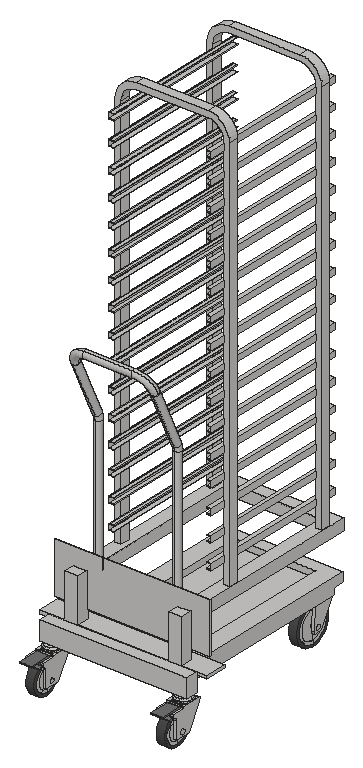
Revit family "QF_ELECTROLUXPROFESSIONAL_922754_TRRA161180C", category Specialty Equipment, Revit 2018
Family settings
  Round Connector Dimension = Use Diameter
  Part Type = Normal
  Work Plane-Based = No
  Always vertical = Yes
  Cut with Voids When Loaded = No
  Shared = No
  Room Calculation Point = No
Parameters (values of type "Standard")
  Weight = 44.00 kg
  Watts = 0 W
  Volts = 0 V
  URL Manufacturer = "http://professional.electrolux.com"
  URL = "http://professional.electrolux.com"
  Steam Supply Size = 0 mm
  Steam Supply Minimum Pressure = 0.0 Pa
  Steam Supply Maximum Pressure = 0.0 Pa
  Steam Pounds per Hour = 0
  Refrigeration Suction Line Size = 0 mm
  Refrigeration Liquid Line Size = 0 mm
  Refrigerant Compressor Remote = yes
  Manufacturer = "Electrolux Professional"
  Phase = 0
  Model = "TRRA161180C"
  Length Actual = 545.0 mm  # constant formula
  Item Number = "922754"
  Hot Water Size = 0 mm
  Height Actual = 1700.0 mm  # constant formula
  HP = "0 HP"
  Gas Size = 0 mm
  Gas KW = 0
  Gas Input Pressure = 0 W
  Description = "TROLLEY TRAY RACK 16 GN 1/1 - 80MM PITCH"
  Depth Actual = 790.0 mm  # constant formula
  Cycle = 0 Hz
  Condensate Return Size = 0 mm
  Compressed Air Volume = 0.0 L/s
  Compressed Air Size = 0 mm
  Compressed Air Pressure = 0.0 Pa
  Cold Water Size = 0 mm
  Accessory = yes
Reference planes
  plane 1 "Center (Front/Back)": y = 0
  plane 2: z = 0
  plane 3 "Center (Left/Right)": x = 0
  plane 4 "BASE": z = 125
  plane 5 "TOP": z = 1700
  plane 6 "FRONT": y = -505.5
  plane 7 "BACK": y = 282.5
  plane 8 "PLANE": z = 160
  plane 9 "Manopola": through (4267.2, -378.699, 921.588) normal (0, 0.9063, 0.4226)
  plane 10 "Accessorioes": z = 647
  plane 11 "M1": y = 212.505
  plane 12 "M2": y = -161.495
  plane 13: z = 1044
  plane 14 "man1": x = -128.996
  plane 15 "man2": x = 128.996
  plane 16: y = -439.495
  plane 17: y = 180.505
  plane 18: x = -272
  plane 19: x = 272
  plane 20: y = 72.905
  plane 21: x = -212.5
  plane 22: x = 212.5
Forms (mm)
  Sweep 1, solid, material "QF_Finishes_Stainless Steel"
    path origin (0, -51.81, 222.029) x (0, -0.422618, 0.906308) y (1, 0, 0)
      loop
        line (840.501, 128.996) -> (843.657, 128.996)
        arc (843.657, 128.996) -> (879.012, 114.351) -> (893.657, 78.996) r 50
        line (893.657, 78.996) -> (893.657, -78.996)
        arc (893.657, -78.996) -> (879.012, -114.351) -> (843.657, -128.996) r 50
        line (843.657, -128.996) -> (840.501, -128.996)
    profile origin (0, -429.485, 1031.957) x (0, -0.422618, 0.906308) y (0, 0.906308, 0.422618)
      loop
        circle (0, -0.616) r 12
  Extrusion 2, solid, material "QF_Finishes_Stainless Steel"
    sketch origin (0, 0, 0) x (0, 1, 0) y (0, 0, 1)
      loop
        line (-375.959, 195.424) -> (-415.959, 195.424) -> (-415.959, 133.5) -> (-375.959, 133.5) -> (-375.959, 195.424)
    from -240.004 to 239.996
  Extrusion 3, solid, material "QF_Finishes_Stainless Steel"
    sketch origin (0, 0, 160) x (0, 1, 0) y (-1, 0, 0)
      loop
        line (-375.959, -188.97) -> (-335.959, -188.97) -> (-335.959, -149.246) -> (-375.959, -149.246) -> (-375.959, -188.97)
      loop
        line (-375.959, 189.004) -> (-375.959, 149.004) -> (-335.959, 149.004) -> (-335.959, 189.004) -> (-375.959, 189.004)
    from 21 to 178
  Extrusion 4, solid, material "QF_Finishes_Stainless Steel"
    sketch origin (0, 0, 160) x (0, 1, 0) y (-1, 0, 0)
      loop
        line (282.5, -149.246) -> (-334.855, -149.246) -> (-334.855, -188.97) -> (282.5, -188.97) -> (282.5, -149.246)
      loop
        line (282.5, 149.004) -> (282.5, 189.004) -> (-335.959, 189.004) -> (-335.959, 149.004) -> (282.5, 149.004)
    from 139.5 to 178
  Extrusion 5, solid, material "QF_Finishes_Stainless Steel"
    sketch origin (115.511, 0, 0) x (0, 1, 0) y (0, 0, -1)
      loop
        line (281.005, -150.5) -> (250.291, -150.5)
        spline (250.291, -150.5) -> (249.645, -150.457) -> (249.01, -150.329) -> (248.397, -150.118) -> (247.817, -149.828) -> (247.279, -149.464) -> (246.792, -149.031) -> (246.366, -148.538) -> (246.007, -147.993) -> (245.722, -147.405) -> (245.515, -146.784) -> (245.39, -146.141) -> (245.349, -145.488)
        line (245.349, -145.488) -> (245.349, -134.506)
        spline (245.349, -134.506) -> (245.308, -133.853) -> (245.182, -133.211) -> (244.975, -132.591) -> (244.69, -132.004) -> (244.331, -131.459) -> (243.904, -130.967) -> (243.418, -130.535) -> (242.881, -130.171) -> (242.301, -129.881) -> (241.688, -129.671) -> (241.054, -129.543) -> (240.408, -129.5)
        line (240.408, -129.5) -> (-375.959, -129.5) -> (-375.959, -181) -> (281.005, -181) -> (281.005, -150.5)
    from 304.516 to 247.5
  Extrusion 6, solid, material "QF_Finishes_Stainless Steel"
    sketch origin (0, 0, 0) x (0, 1, 0) y (0, 0, 1)
      loop
        line (242.5, 299.5) -> (282.5, 299.5) -> (282.5, 338) -> (242.5, 338) -> (242.5, 299.5)
    from -189.004 to 188.996
  Sweep 7, solid, material "QF_Finishes_Stainless Steel"
    path origin (-128.996, 0, -8) x (0, 1, 0) y (0, 0, 1)
      loop
        line (-407.579, 991.521) -> (-320.757, 805.332)
        arc (-320.757, 805.332) -> (-317.538, 795.848) -> (-316.447, 785.891) r 46
        line (-316.447, 785.891) -> (-316.447, 346)
    profile origin (-128.996, -364.168, 890.426) x (0, 0.906308, 0.422618) y (1, 0, 0)
      loop
        circle (0, 0) r 12
  Sweep 8, solid, material "QF_Finishes_Stainless Steel"
    path origin (128.996, 0, -8) x (0, 1, 0) y (0, 0, 1)
      loop
        line (-407.579, 991.521) -> (-320.757, 805.332)
        arc (-320.757, 805.332) -> (-317.538, 795.848) -> (-316.447, 785.891) r 46
        line (-316.447, 785.891) -> (-316.447, 346)
    profile origin (128.996, -364.168, 890.426) x (0, 0.906308, 0.422618) y (1, 0, 0)
      loop
        circle (0, 0) r 12
  Extrusion 9, solid, material "QF_Finishes_Stainless Steel"
    sketch origin (0, -3.54, 125) x (-1, 0, 0) y (0, -1, 0)
      loop
        line (252.004, 331.46) -> (252.004, 335.959) -> (-252.004, 335.959) -> (-252.004, 331.46) -> (252.004, 331.46)
    from 102.147 to 267.893
  Extrusion 10, solid, material "QF_Finishes_Stainless Steel"
    sketch origin (0, 0, 0) x (0, 1, 0) y (0, 0, 1)
      loop
        line (-331.381, 299.5) -> (-298.959, 299.5) -> (-298.959, 338) -> (-331.381, 338) -> (-331.381, 299.5)
    from -189.004 to 188.996
  Extrusion 11, solid, material "QF_Finishes_Stainless Steel"
    sketch origin (0, 0, 125) x (-1, 0, 0) y (0, -1, 0)
      loop
        line (131.989, -281.005) -> (131.989, 375.959) -> (-131.989, 375.959) -> (-131.989, -281.005) -> (131.989, -281.005)
    from 35 to 25.5
  Sweep 12, solid, material "QF_Finishes_Stainless Steel"
    path origin (0, 212.505, 0) x (0, 0, 1) y (-1, 0, 0)
      loop
        line (338, 176.55) -> (1630, 176.55)
        arc (1630, 176.55) -> (1672.426, 158.976) -> (1690, 116.55) r 60
        line (1690, 116.55) -> (1690, -117.05)
        arc (1690, -117.05) -> (1672.426, -159.476) -> (1630, -177.05) r 60
        line (1630, -177.05) -> (338, -177.05)
    profile origin (0.25, 212.505, 1690) x (0, 0, 1) y (0, -1, 0)
      loop
        line (10, -14.995) -> (10, 14.995) -> (-10, 14.995) -> (-10, -14.995) -> (10, -14.995)
  Sweep 13, solid, material "QF_Finishes_Stainless Steel"
    path origin (0, -161.495, 0) x (0, 0, 1) y (-1, 0, 0)
      loop
        line (338, 176.55) -> (1630, 176.55)
        arc (1630, 176.55) -> (1672.426, 158.976) -> (1690, 116.55) r 60
        line (1690, 116.55) -> (1690, -117.05)
        arc (1690, -117.05) -> (1672.426, -159.476) -> (1630, -177.05) r 60
        line (1630, -177.05) -> (338, -177.05)
    profile origin (0.25, -161.495, 1690) x (0, 0, 1) y (0, -1, 0)
      loop
        line (10, -14.995) -> (10, 14.995) -> (-10, 14.995) -> (-10, -14.995) -> (10, -14.995)
  Revolve 14, solid, material "QF_Finishes_Stainless Steel"
    sketch origin (0, 0, 0) x (0, 1, 0) y (0, 0, 1)
      loop
        line (94.159, 150.5) -> (72.905, 150.5) -> (72.905, 87.019) -> (85.159, 87.019) -> (85.159, 111.019) -> (94.159, 127.019) -> (94.159, 150.5)
      axis (72.905, 150.5) -> (72.905, 87.019)
    angle from 0 to 360
  Extrusion 15, solid, material "QF_Finishes_Stainless Steel"
    sketch origin (-115.511, 0, 0) x (0, 1, 0) y (0, 0, 1)
      loop
        line (281.005, 150.5) -> (281.005, 181) -> (-375.959, 181) -> (-375.959, 129.5) -> (240.408, 129.5)
        spline (240.408, 129.5) -> (241.054, 129.543) -> (241.688, 129.671) -> (242.301, 129.881) -> (242.881, 130.171) -> (243.418, 130.535) -> (243.904, 130.967) -> (244.331, 131.459) -> (244.69, 132.004) -> (244.975, 132.591) -> (245.182, 133.211) -> (245.308, 133.853) -> (245.349, 134.506)
        line (245.349, 134.506) -> (245.349, 145.488)
        spline (245.349, 145.488) -> (245.39, 146.141) -> (245.515, 146.784) -> (245.722, 147.405) -> (246.007, 147.993) -> (246.366, 148.538) -> (246.792, 149.031) -> (247.279, 149.464) -> (247.817, 149.828) -> (248.397, 150.118) -> (249.01, 150.329) -> (249.645, 150.457) -> (250.291, 150.5)
        line (250.291, 150.5) -> (281.005, 150.5)
    from 304.481 to 247.5
  Extrusion 16, solid, material "QF_Finishes_Stainless Steel"
    sketch origin (0, 0, 0) x (0, 1, 0) y (0, 0, 1)
      loop
        line (281.005, 160) -> (281.005, 181) -> (242.5, 181) -> (242.5, 160) -> (281.005, 160)
    from -131.989 to 131.989
  Extrusion 17, void
    sketch origin (0, 0, 125) x (-1, 0, 0) y (0, -1, 0)
      loop
        circle (0, -72.905) r 21.25
    from 10 to 35
  Extrusion 18, solid, material "QF_Finishes_Stainless Steel"
    sketch origin (0, 0, 0) x (0, 1, 0) y (0, 0, 1)
      loop
        line (-303.216, 195.424) -> (-375.959, 195.424) -> (-375.959, 185.203) -> (-303.216, 185.203) -> (-303.216, 195.424)
    from -272 to 272
Cuts and joins
  joined: Sweep 1, Sweep 7, Sweep 8
  joined: Extrusion 3, Extrusion 9, Extrusion 18
  joined: Extrusion 4, Extrusion 6, Extrusion 10
  Extrusion 17 cuts Extrusion 11
  joined: Extrusion 5, Extrusion 11, Extrusion 15, Extrusion 16
Lines and regions (mm)
  symbolic lines
    curve 1: line (193.496, -471.06, 125) -> (183.973, -471.06, 125)
    curve 2: line (183.973, -471.06, 125) -> (183.973, -415.959, 125)
    curve 3: line (193.496, -417.738, 125) -> (193.496, -505.5, 125)
    curve 4: line (193.496, -505.5, 125) -> (231.496, -505.5, 125)
    curve 5: line (231.496, -505.5, 125) -> (231.496, -417.738, 125)
    curve 6: line (183.973, -430.06, 125) -> (241.018, -430.06, 125)
    curve 7: line (193.496, -435.203, 125) -> (231.496, -435.203, 125)
    curve 8: line (241.018, -433, 125) -> (244.466, -433, 125)
    curve 9: line (244.466, -433, 125) -> (244.466, -445.99, 125)
    curve 10: line (244.466, -445.99, 125) -> (241.018, -445.99, 125)
    curve 11: line (244.466, -439.495, 125) -> (241.018, -439.495, 125)
    curve 12: line (183.973, -433, 125) -> (180.525, -433, 125)
    curve 13: line (180.525, -433, 125) -> (180.525, -445.99, 125)
    curve 14: line (180.525, -445.99, 125) -> (183.973, -445.99, 125)
    curve 15: line (180.525, -439.495, 125) -> (183.973, -439.495, 125)
    curve 16: line (241.018, -375.959, 125) -> (241.018, -367.995, 125)
    curve 17: line (241.018, -367.995, 125) -> (188.97, -367.995, 125)
    curve 18: line (193.496, -367.995, 125) -> (193.496, -375.253, 125)
    curve 19: line (231.496, -367.995, 125) -> (231.496, -375.253, 125)
    curve 20: arc (232.257, -375.959, 125) -> (212.496, -367.995, 125) -> (192.734, -375.959, 125) r 28.5
    curve 21: arc (191.677, -415.959, 125) -> (212.496, -424.995, 125) -> (233.314, -415.959, 125) r 28.5
    curve 22: line (231.496, -471.215, 125) -> (241.018, -471.215, 125)
    curve 23: line (241.018, -471.215, 125) -> (241.018, -415.959, 125)
    curve 24: line (-193.39, -471.06, 125) -> (-183.867, -471.06, 125)
    curve 25: line (-183.867, -471.06, 125) -> (-183.867, -415.959, 125)
    curve 26: line (-193.39, -419.32, 125) -> (-193.39, -505.5, 125)
    curve 27: line (-193.39, -505.5, 125) -> (-231.619, -505.5, 125)
    curve 28: line (-231.619, -505.5, 125) -> (-231.619, -418.963, 125)
    curve 29: line (-183.867, -430.06, 125) -> (-241.141, -430.06, 125)
    curve 30: line (-193.39, -435.203, 125) -> (-231.619, -435.203, 125)
    curve 31: line (-241.141, -433, 125) -> (-244.589, -433, 125)
    curve 32: line (-244.589, -433, 125) -> (-244.589, -445.99, 125)
    curve 33: line (-244.589, -445.99, 125) -> (-241.141, -445.99, 125)
    curve 34: line (-244.589, -439.495, 125) -> (-241.141, -439.495, 125)
    curve 35: line (-183.867, -433, 125) -> (-180.42, -433, 125)
    curve 36: line (-180.42, -433, 125) -> (-180.42, -445.99, 125)
    curve 37: line (-180.42, -445.99, 125) -> (-183.867, -445.99, 125)
    curve 38: line (-180.42, -439.495, 125) -> (-183.867, -439.495, 125)
    curve 39: line (-231.619, -471.215, 125) -> (-241.141, -471.215, 125)
    curve 40: line (-241.141, -471.215, 125) -> (-241.141, -415.959, 125)
    curve 41: line (272, -375.959, 125) -> (141.486, -375.959, 125)
    curve 42: line (242.496, -375.959, 125) -> (242.496, -415.959, 125)
    curve 43: line (242.496, -415.959, 125) -> (140.297, -415.959, 125)
    curve 44: arc (-116.996, -316.504, 125) -> (-128.91, -304.448, 125) -> (-140.995, -316.333, 125) r 12
    curve 45: arc (116.996, -316.504, 125) -> (128.911, -304.448, 125) -> (140.996, -316.333, 125) r 12
    curve 46: line (-241.018, -375.959, 125) -> (-241.018, -367.995, 125)
    curve 47: line (-241.018, -367.995, 125) -> (-189.004, -367.995, 125)
    curve 48: line (-193.496, -367.995, 125) -> (-193.496, -375.253, 125)
    curve 49: line (-231.496, -367.995, 125) -> (-231.496, -375.253, 125)
    curve 50: arc (-232.257, -375.959, 125) -> (-212.496, -367.995, 125) -> (-192.734, -375.959, 125) r 28.5
    curve 51: arc (-191.677, -415.959, 125) -> (-212.496, -424.995, 125) -> (-233.314, -415.959, 125) r 28.5
    curve 52: line (-242.496, -375.959, 125) -> (-242.496, -415.959, 125)
    curve 53: line (-272, -375.959, 125) -> (-140.838, -375.959, 125)
    curve 54: line (-242.496, -415.959, 125) -> (-140.168, -415.959, 125)
    curve 55: line (188.97, -335, 125) -> (188.97, 282.5, 125)
    curve 56: line (188.97, 282.5, 125) -> (-189.004, 282.5, 125)
    curve 57: line (-189.004, 282.5, 125) -> (-189.004, -335.959, 125)
    curve 58: line (-186.55, -176.49, 125) -> (187.05, -176.49, 125)
    curve 59: line (187.05, -146.5, 125) -> (-186.55, -146.5, 125)
    curve 60: line (-186.55, 197.51, 125) -> (187.05, 197.51, 125)
    curve 61: line (187.05, 227.5, 125) -> (-186.55, 227.5, 125)
    curve 62: line (-149.004, 242.5, 125) -> (149.004, 242.5, 125)
    curve 63: line (-149.004, 242.5, 125) -> (-149.004, 227.5, 125)
    curve 64: line (-131.989, 242.5, 125) -> (-131.989, 227.5, 125)
    curve 65: line (-149.004, 197.51, 125) -> (-149.004, -146.5, 125)
    curve 66: line (-131.989, 197.51, 125) -> (-131.989, -146.5, 125)
    curve 67: line (-131.989, -176.49, 125) -> (-131.989, -298.959, 125)
    curve 68: line (-131.989, -298.959, 125) -> (-148.746, -298.959, 125)
    curve 69: line (-148.746, -298.959, 125) -> (-148.746, -176.49, 125)
    curve 70: line (149.004, 242.5, 125) -> (149.004, 227.5, 125)
    curve 71: line (131.989, 242.5, 125) -> (131.989, 227.5, 125)
    curve 72: line (149.004, 197.51, 125) -> (149.004, -146.5, 125)
    curve 73: line (131.989, 197.51, 125) -> (131.989, -146.5, 125)
    curve 74: line (131.989, -176.49, 125) -> (131.989, -298.959, 125)
    curve 75: line (131.989, -298.959, 125) -> (148.746, -298.959, 125)
    curve 76: line (148.746, -298.959, 125) -> (148.746, -176.49, 125)
    curve 77: line (-186.55, 197.51, 125) -> (-186.55, 227.5, 125)
    curve 78: line (187.05, 197.51, 125) -> (187.05, 227.5, 125)
    curve 79: circle (0, 72.905, 125) r 21.25 normal (0, 0, 1)
    curve 80: line (-189.004, -339.499, 125) -> (-189.004, -375.959, 125)
    curve 81: line (-149.004, -375.959, 125) -> (-149.004, -339.499, 125)
    curve 82: line (-149.004, -335, 125) -> (-149.004, -331.381, 125)
    curve 83: line (-149.004, -331.381, 125) -> (-140.838, -331.381, 125)
    curve 84: line (-140.838, -335, 125) -> (-252.004, -335, 125)
    curve 85: line (-252.004, -335, 125) -> (-252.004, -339.499, 125)
    curve 86: line (-252.004, -339.499, 125) -> (-140.838, -339.499, 125)
    curve 87: line (149.004, -375.959, 125) -> (149.004, -339.499, 125)
    curve 88: line (149.004, -335, 125) -> (149.004, -331.381, 125)
    curve 89: line (149.004, -331.381, 125) -> (140.838, -331.381, 125)
    curve 90: line (140.838, -335, 125) -> (252.004, -335, 125)
    curve 91: line (252.004, -335, 125) -> (252.004, -339.499, 125)
    curve 92: line (252.004, -339.499, 125) -> (140.838, -339.499, 125)
    curve 93: line (-117.1, -339.499, 125) -> (117.273, -339.499, 125)
    curve 94: line (-117.1, -335, 125) -> (117.273, -335, 125)
    curve 95: line (-117.1, -331.381, 125) -> (117.273, -331.381, 125)
    curve 96: line (-117.1, -375.959, 125) -> (117.273, -375.959, 125)
    curve 97: line (-272, -303.216, 125) -> (-189.004, -303.216, 125)
    curve 98: line (-272, -303.216, 125) -> (-272, -375.959, 125)
    curve 99: line (188.97, -303.216, 125) -> (272, -303.216, 125)
    curve 100: line (272, -303.216, 125) -> (272, -375.959, 125)
    curve 101: line (-131.989, -298.959, 125) -> (131.989, -298.959, 125)
    curve 102: line (-166.493, -226.674, 125) -> (-166.493, -176.49, 125)
    curve 103: line (-152.104, -226.674, 125) -> (-152.104, -176.49, 125)
    curve 104: line (-150.504, -226.674, 125) -> (-150.504, -176.49, 125)
    curve 105: line (-150.504, 277.484, 125) -> (-166.493, 277.484, 125)
    curve 106: line (-166.493, -226.674, 125) -> (-150.504, -226.674, 125)
    curve 107: line (-166.493, 227.5, 125) -> (-166.493, 277.484, 125)
    curve 108: line (-150.504, 227.5, 125) -> (-150.504, 277.484, 125)
    curve 109: line (-152.104, 227.5, 125) -> (-152.104, 277.484, 125)
    curve 110: line (-150.504, -146.5, 125) -> (-150.504, 197.51, 125)
    curve 111: line (-152.104, -146.5, 125) -> (-152.104, 197.51, 125)
    curve 112: line (-166.493, -146.5, 125) -> (-166.493, 197.51, 125)
    curve 113: line (166.493, -226.674, 125) -> (166.493, -176.49, 125)
    curve 114: line (152.104, -226.674, 125) -> (152.104, -176.49, 125)
    curve 115: line (150.504, -226.674, 125) -> (150.504, -176.49, 125)
    curve 116: line (150.504, 277.484, 125) -> (166.493, 277.484, 125)
    curve 117: line (166.493, -226.674, 125) -> (150.504, -226.674, 125)
    curve 118: line (166.493, 227.5, 125) -> (166.493, 277.484, 125)
    curve 119: line (150.504, 227.5, 125) -> (150.504, 277.484, 125)
    curve 120: line (152.104, 227.5, 125) -> (152.104, 277.484, 125)
    curve 121: line (150.504, -146.5, 125) -> (150.504, 197.51, 125)
    curve 122: line (152.104, -146.5, 125) -> (152.104, 197.51, 125)
    curve 123: line (166.493, -146.5, 125) -> (166.493, 197.51, 125)
Dimensions and locks
  plane 4 "BASE" to level = 125.0 mm
  plane 5 "TOP" to level = 1700.0 mm  (x2)
  plane 7 "BACK" to plane 6 "FRONT" = 788.0 mm
  level to plane 5 "TOP" = 1700.0 mm
  plane 13 to level = 1044.0 mm
  plane 17 to plane 16 = 620.0 mm
  plane 18 to plane 19 = 544.0 mm
  equal spacing: plane 18, plane 3 "Center (Left/Right)", plane 19
  nested 2 to nested 4 = 314.0 mm
  nested 1 to nested 3 = 425.0 mm
  plane 21 to plane 22 = 425.0 mm
  aligned and locked: level to plane 2
Automatic sketch dimensions
  Sweep 1 sketch curve to plane 15 "man2" = 0.0 mm
  Sweep 1 sketch curve to plane 14 "man1" = 0.0 mm
  Sweep 1 sketch curve to Sweep 1 sketch curve = 0.0 mm
  plane 14 "man1" to Sweep 1 sketch curve = 50.0 mm
  Sweep 1 sketch curve to Sweep 1 sketch curve = 3.156 mm  (x2)
  Sweep 1 sketch curve to plane 9 "Manopola" = 0.0 mm
  profile plane to Sweep 1 sketch curve = 0.0 mm
  Extrusion 2 sketch curve to plane 16 = 23.536 mm
  plane 4 "BASE" to Extrusion 2 sketch curve = 8.5 mm
  Extrusion 2 sketch curve to Extrusion 2 sketch curve = 40.0 mm
  plane 8 "PLANE" to Extrusion 2 sketch curve = 35.424 mm
  Extrusion 3 sketch curve to plane 22 = 23.53 mm
  Extrusion 3 sketch curve to plane 16 = 63.536 mm  (x2)
  Extrusion 3 sketch curve to plane 14 "man1" = 20.009 mm
  Extrusion 3 sketch curve to Extrusion 3 sketch curve = 40.0 mm  (x2)
  plane 15 "man2" to Extrusion 3 sketch curve = 20.25 mm
  Extrusion 3 sketch curve to plane 21 = 23.496 mm
  Extrusion 4 sketch curve to plane 7 "BACK" = 0.0 mm  (x2)
  Extrusion 4 sketch curve to plane 22 = 23.53 mm
  Extrusion 4 sketch curve to plane 16 = 104.64 mm
  Extrusion 4 sketch curve to plane 21 = 23.496 mm
  Extrusion 4 sketch curve to plane 16 = 103.536 mm
  plane 15 "man2" to Extrusion 4 sketch curve = 20.25 mm
  Extrusion 4 sketch curve to plane 14 "man1" = 20.009 mm
  plane 8 "PLANE" to Extrusion 5 sketch curve = 21.0 mm
  Extrusion 5 sketch curve to plane 16 = 63.536 mm
  plane 4 "BASE" to Extrusion 5 sketch curve = 4.5 mm
  Extrusion 5 sketch curve to plane 11 "M1" = 27.903 mm
  Extrusion 5 sketch curve to Extrusion 5 sketch curve = 4.941 mm  (x2)
  Extrusion 5 sketch curve to plane 7 "BACK" = 1.495 mm
  Extrusion 5 sketch curve to plane 8 "PLANE" = 9.5 mm
  Extrusion 5 sketch curve to Extrusion 5 sketch curve = 5.012 mm
  Extrusion 5 sketch curve to Extrusion 5 sketch curve = 5.006 mm
  Extrusion 5 sketch curve to Extrusion 5 sketch curve = 0.0 mm  (x2)
  Extrusion 5 sketch curve to Extrusion 5 sketch curve = 0.012 mm
  Extrusion 5 sketch curve to Extrusion 5 sketch curve = 0.006 mm
  Extrusion 6 sketch curve to plane 7 "BACK" = 0.0 mm
  Extrusion 6 sketch curve to plane 11 "M1" = 29.995 mm
  plane 8 "PLANE" to Extrusion 6 sketch curve = 139.5 mm
  Extrusion 6 sketch curve to Extrusion 6 sketch curve = 38.5 mm
  Sweep 7 sketch curve to profile plane = 0.0 mm  (x2)
  Sweep 8 sketch curve to plane 15 "man2" = 0.0 mm
  Sweep 8 sketch curve to profile plane = 0.0 mm
  Extrusion 9 sketch curve to plane 19 = 19.996 mm
  Extrusion 9 sketch curve to plane 18 = 19.996 mm
  Extrusion 9 sketch curve to plane 16 = 104.495 mm
  Extrusion 9 sketch curve to Extrusion 9 sketch curve = 4.499 mm
  Extrusion 10 sketch curve to plane 16 = 108.114 mm
  Extrusion 10 sketch curve to Extrusion 10 sketch curve = 32.422 mm
  plane 8 "PLANE" to Extrusion 10 sketch curve = 139.5 mm
  Extrusion 10 sketch curve to Extrusion 10 sketch curve = 38.5 mm
  Extrusion 11 sketch curve to plane 7 "BACK" = 1.495 mm
  plane 15 "man2" to Extrusion 11 sketch curve = 2.993 mm
  Extrusion 11 sketch curve to plane 14 "man1" = 2.993 mm
  Extrusion 11 sketch curve to plane 16 = 63.536 mm
  profile plane to Sweep 12 sketch curve = 10.0 mm
  Sweep 12 sketch curve to profile plane = 10.0 mm
  Sweep 12 sketch curve to plane 11 "M1" = 14.995 mm
  plane 11 "M1" to Sweep 12 sketch curve = 14.995 mm
  profile plane to Sweep 13 sketch curve = 10.0 mm
  Sweep 13 sketch curve to profile plane = 10.0 mm
  Sweep 13 sketch curve to plane 12 "M2" = 14.995 mm
  plane 12 "M2" to Sweep 13 sketch curve = 14.995 mm
  Revolve 14 sketch curve to plane 20 = 0.0 mm  (x2)
  Revolve 14 sketch curve to Revolve 14 sketch curve = 12.254 mm
  plane 4 "BASE" to Revolve 14 sketch curve = 2.019 mm
  Revolve 14 sketch curve to Revolve 14 sketch curve = 9.0 mm
  Revolve 14 sketch curve to plane 4 "BASE" = 13.981 mm
  Revolve 14 sketch curve to Revolve 14 sketch curve = 24.0 mm
  Revolve 14 sketch curve to plane 8 "PLANE" = 9.5 mm
  Revolve 14 sketch curve to Revolve 14 sketch curve = 24.577 mm
  Revolve 14 sketch curve to Revolve 14 sketch curve = 5.5 mm
  plane 8 "PLANE" to Extrusion 15 sketch curve = 21.0 mm
  Extrusion 15 sketch curve to plane 16 = 63.536 mm
  plane 4 "BASE" to Extrusion 15 sketch curve = 4.5 mm
  Extrusion 15 sketch curve to plane 11 "M1" = 27.903 mm
  Extrusion 15 sketch curve to Extrusion 15 sketch curve = 4.941 mm  (x2)
  Extrusion 15 sketch curve to plane 7 "BACK" = 1.495 mm
  Extrusion 15 sketch curve to Extrusion 15 sketch curve = 5.006 mm
  Extrusion 15 sketch curve to Extrusion 15 sketch curve = 10.981 mm
  Extrusion 15 sketch curve to plane 8 "PLANE" = 9.5 mm
  Extrusion 15 sketch curve to Extrusion 15 sketch curve = 0.0 mm
  Extrusion 15 sketch curve to Extrusion 15 sketch curve = 0.006 mm
  Extrusion 15 sketch curve to Extrusion 15 sketch curve = 4.988 mm
  Extrusion 15 sketch curve to Extrusion 15 sketch curve = 0.012 mm
  Extrusion 16 sketch curve to plane 8 "PLANE" = 0.0 mm
  Extrusion 16 sketch curve to plane 11 "M1" = 29.995 mm
  Extrusion 16 sketch curve to plane 7 "BACK" = 1.495 mm
  plane 8 "PLANE" to Extrusion 16 sketch curve = 21.0 mm
  Extrusion 17 sketch curve to plane 3 "Center (Left/Right)" = 0.0 mm
  Extrusion 17 sketch curve to plane 20 = 0.0 mm
  Extrusion 18 sketch curve to plane 16 = 63.536 mm
  plane 4 "BASE" to Extrusion 18 sketch curve = 60.203 mm
  Extrusion 18 sketch curve to Extrusion 18 sketch curve = 72.744 mm
  plane 8 "PLANE" to Extrusion 18 sketch curve = 35.424 mm
  Sweep 12 sketch curve to plane 5 "TOP" = 70.0 mm  (x2)
  Sweep 12 sketch curve to plane 22 = 35.45 mm
  Sweep 12 sketch curve to plane 5 "TOP" = 10.0 mm
  plane 14 "man1" to Sweep 12 sketch curve = 12.446 mm
  plane 8 "PLANE" to Sweep 12 sketch curve = 178.0 mm  (x2)
  Sweep 13 sketch curve to plane 5 "TOP" = 70.0 mm  (x2)
  Sweep 13 sketch curve to plane 22 = 35.45 mm
  Sweep 13 sketch curve to plane 5 "TOP" = 10.0 mm
  plane 14 "man1" to Sweep 13 sketch curve = 12.446 mm
  plane 8 "PLANE" to Sweep 13 sketch curve = 178.0 mm  (x2)
  Sweep 7 sketch curve to plane 9 "Manopola" = 0.0 mm  (x2)
  Sweep 7 sketch curve to plane 16 = 77.048 mm
  Sweep 7 sketch curve to Sweep 7 sketch curve = 41.69 mm
  Sweep 7 sketch curve to Sweep 7 sketch curve = 4.31 mm
  Sweep 7 sketch curve to plane 16 = 31.916 mm
  plane 8 "PLANE" to Sweep 7 sketch curve = 178.0 mm
  Sweep 8 sketch curve to plane 9 "Manopola" = 0.0 mm  (x2)
  Sweep 8 sketch curve to plane 16 = 77.048 mm
  Sweep 8 sketch curve to Sweep 8 sketch curve = 41.69 mm
  Sweep 8 sketch curve to Sweep 8 sketch curve = 4.31 mm
  Sweep 8 sketch curve to plane 16 = 31.916 mm
  plane 8 "PLANE" to Sweep 8 sketch curve = 178.0 mm
  curve 20 to curve 21 = 0.0 mm  (x2)
  curve 50 to curve 51 = 0.0 mm  (x2)
  curve 99 to plane 19 = 0.0 mm
  curve 4 to plane 6 "FRONT" = 0.0 mm
  curve 56 to plane 7 "BACK" = 0.0 mm
  curve 79 to plane 3 "Center (Left/Right)" = 0.0 mm
  curve 44 to plane 14 "man1" = 0.0 mm
  curve 26 to plane 6 "FRONT" = 0.0 mm
  curve 53 to plane 18 = 0.0 mm
  curve 79 to plane 20 = 0.0 mm
  curve 92 to plane 19 = 19.996 mm
  curve 8 to plane 16 = 6.495 mm
  curve 8 to plane 19 = 27.534 mm
  curve 8 to curve 42 = 1.97 mm
  curve 9 to curve 22 = 3.448 mm
  curve 42 to curve 17 = 1.478 mm
  plane 22 to curve 4 = 18.996 mm
  curve 20 to plane 22 = 0.004 mm
  curve 3 to plane 22 = 19.004 mm
  curve 56 to plane 22 = 23.53 mm
  curve 78 to plane 22 = 25.45 mm
  curve 1 to curve 2 = 9.522 mm
  curve 12 to curve 12 = 3.448 mm
  plane 15 "man2" to curve 70 = 20.009 mm
  plane 15 "man2" to curve 88 = 20.009 mm
  plane 15 "man2" to curve 75 = 19.75 mm
  plane 15 "man2" to curve 75 = 2.993 mm
  plane 15 "man2" to curve 45 = 0.0 mm
  curve 68 to plane 14 "man1" = 2.993 mm
  curve 67 to curve 69 = 16.757 mm
  curve 82 to plane 14 "man1" = 20.009 mm
  curve 62 to plane 14 "man1" = 20.009 mm
  plane 16 to curve 37 = 6.495 mm
  curve 37 to plane 21 = 32.08 mm
  curve 36 to curve 24 = 3.448 mm
  curve 61 to plane 21 = 25.95 mm
  curve 59 to plane 21 = 25.95 mm
  curve 56 to plane 21 = 23.496 mm
  curve 26 to plane 21 = 19.11 mm
  curve 50 to plane 21 = 0.004 mm
  plane 21 to curve 28 = 19.119 mm
  plane 21 to curve 46 = 28.518 mm
  curve 39 to curve 39 = 9.522 mm
  curve 40 to curve 52 = 1.354 mm
  curve 33 to curve 32 = 3.448 mm
  curve 85 to plane 18 = 19.996 mm
  curve 62 to plane 11 "M1" = 29.995 mm
  curve 61 to plane 11 "M1" = 14.995 mm
  plane 11 "M1" to curve 60 = 14.995 mm
  curve 59 to plane 12 "M2" = 14.995 mm
  plane 12 "M2" to curve 76 = 137.464 mm
  curve 68 to curve 97 = 4.256 mm
  curve 75 to curve 99 = 4.256 mm
  curve 74 to curve 45 = 17.488 mm
  curve 67 to curve 44 = 17.488 mm
  curve 44 to curve 83 = 14.934 mm
  curve 45 to curve 89 = 14.934 mm
  curve 99 to curve 90 = 31.784 mm
  curve 97 to curve 85 = 31.784 mm
  curve 84 to curve 86 = 4.499 mm
  curve 90 to curve 91 = 4.499 mm
  curve 91 to curve 16 = 28.496 mm
  curve 85 to curve 47 = 28.496 mm
  curve 16 to curve 100 = 7.964 mm
  curve 46 to curve 53 = 7.964 mm
  curve 50 to curve 51 = 20.536 mm
  curve 20 to curve 20 = 20.536 mm
  curve 43 to curve 8 = 17.041 mm
  curve 52 to plane 16 = 23.536 mm
  curve 36 to plane 16 = 6.495 mm
  curve 12 to plane 16 = 6.495 mm
  curve 32 to plane 16 = 6.495 mm
  plane 16 to curve 32 = 6.495 mm
  plane 16 to curve 10 = 6.495 mm
  plane 16 to curve 14 = 6.495 mm
  curve 37 to curve 24 = 25.07 mm
  curve 14 to curve 2 = 25.07 mm
  curve 10 to curve 23 = 25.224 mm
  curve 33 to curve 39 = 25.224 mm
  curve 21 to curve 5 = 1.818 mm
  curve 16 to curve 20 = 8.761 mm
  curve 20 to curve 19 = 0.762 mm
  curve 18 to curve 20 = 0.762 mm
  curve 18 to curve 17 = 4.525 mm
  curve 59 to plane 22 = 25.45 mm
  curve 58 to plane 22 = 25.45 mm
  plane 15 "man2" to curve 87 = 20.009 mm
  plane 15 "man2" to curve 72 = 20.009 mm
  curve 87 to curve 41 = 7.519 mm
  plane 15 "man2" to curve 45 = 12.0 mm
  curve 88 to curve 90 = 8.166 mm
  curve 92 to curve 90 = 0.0 mm
  curve 89 to curve 90 = 0.0 mm
  plane 15 "man2" to curve 43 = 11.301 mm
  plane 15 "man2" to curve 73 = 2.993 mm
  plane 15 "man2" to curve 71 = 2.993 mm
  curve 94 to plane 15 "man2" = 11.722 mm
  curve 96 to plane 15 "man2" = 11.722 mm
  curve 93 to curve 94 = 0.0 mm
  curve 95 to curve 94 = 0.0 mm
  curve 45 to plane 15 "man2" = 11.999 mm
  plane 14 "man1" to curve 44 = 12.0 mm
  plane 14 "man1" to curve 96 = 11.896 mm
  plane 14 "man1" to curve 93 = 11.896 mm
  curve 95 to curve 93 = 0.0 mm
  curve 94 to curve 95 = 0.0 mm
  curve 66 to plane 14 "man1" = 2.993 mm
  curve 64 to plane 14 "man1" = 2.993 mm
  curve 54 to plane 14 "man1" = 11.172 mm
  curve 86 to curve 82 = 8.166 mm
  curve 53 to plane 14 "man1" = 11.843 mm
  curve 84 to curve 86 = 0.0 mm
  curve 83 to curve 84 = 0.0 mm
  curve 44 to plane 14 "man1" = 11.999 mm
  curve 53 to curve 81 = 8.166 mm
  curve 66 to curve 65 = 17.016 mm
  curve 47 to plane 21 = 23.496 mm
  curve 51 to curve 26 = 1.712 mm
  curve 80 to curve 50 = 3.73 mm
  curve 50 to curve 48 = 0.762 mm
  curve 49 to curve 50 = 0.762 mm
  plane 12 "M2" to curve 67 = 14.995 mm
  curve 45 to curve 45 = 0.115 mm
  curve 44 to curve 44 = 0.115 mm
  curve 44 to curve 95 = 14.877 mm
  curve 95 to curve 94 = 3.619 mm
  curve 57 to curve 80 = 3.54 mm
  curve 94 to curve 93 = 4.499 mm
  curve 96 to curve 41 = 0.0 mm
  curve 51 to curve 28 = 3.004 mm
  curve 51 to curve 26 = 3.361 mm
  curve 6 to curve 12 = 2.94 mm
  curve 29 to curve 35 = 2.94 mm
  curve 30 to plane 16 = 4.292 mm
  curve 7 to plane 16 = 4.292 mm
  curve 15 to plane 16 = 0.0 mm
  curve 34 to plane 16 = 0.0 mm
  curve 38 to plane 16 = 0.0 mm
  curve 11 to plane 16 = 0.0 mm
  curve 58 to plane 21 = 25.95 mm
  plane 15 "man2" to curve 117 = 37.497 mm
  curve 118 to plane 7 "BACK" = 5.016 mm
  plane 15 "man2" to curve 118 = 37.497 mm
  curve 116 to curve 119 = 15.988 mm
  curve 113 to curve 115 = 15.988 mm
  plane 12 "M2" to curve 115 = 65.179 mm
  curve 123 to curve 113 = 0.0 mm
  curve 114 to curve 115 = 1.599 mm
  curve 120 to curve 119 = 1.599 mm
  curve 123 to curve 122 = 14.389 mm
  curve 122 to curve 121 = 1.599 mm
  curve 110 to plane 14 "man1" = 21.509 mm
  curve 110 to curve 111 = 1.599 mm
  curve 111 to curve 112 = 14.389 mm
  curve 118 to plane 11 "M1" = 14.995 mm
  curve 120 to curve 118 = 0.0 mm
  curve 119 to curve 120 = 0.0 mm
  plane 11 "M1" to curve 121 = 14.995 mm
  plane 11 "M1" to curve 123 = 14.995 mm
  plane 11 "M1" to curve 111 = 14.995 mm
  curve 112 to curve 111 = 0.0 mm  (x2)
  curve 111 to curve 110 = 0.0 mm  (x2)
  curve 121 to curve 122 = 0.0 mm  (x2)
  curve 122 to plane 12 "M2" = 14.995 mm
  curve 122 to curve 123 = 0.0 mm
  curve 112 to plane 12 "M2" = 14.995 mm
  plane 12 "M2" to curve 115 = 14.995 mm
  curve 115 to curve 114 = 0.0 mm
  curve 114 to curve 113 = 0.0 mm
  radius of Sweep 1 sketch curve = 12.0 mm
  radius of Sweep 7 sketch curve = 12.0 mm
  radius of Sweep 8 sketch curve = 12.0 mm
  radius of Extrusion 17 sketch curve = 21.25 mm
  radius of curve 79 = 21.25 mm
Nested families
  nested 1: "COOKCHILL_WHEEL125_LOCKED" at (212.496, -383.845, 0) x (-1, 0, 0) z (0, 0, 1), type "COOKCHILL_WHEEL125_LOCKED"
    with Type Mark "", Status "", Specification by User "", Revision Code "", Item Number "", Installed By "", Identify Quantity as Lot yes, Furnished By "", Foodservice Equipment Identifier yes
  nested 2: "COOKCHILL_WHEEL125" at (157, 236.155, 0) x (-1, 0, 0) z (0, 0, 1), type "COOKCHILL_WHEEL125"
    with Type Mark "", Status "", Specification by User "", Revision Code "", Item Number "", Installed By "", Identify Quantity as Lot yes, Furnished By "", Foodservice Equipment Identifier yes
  nested 3: "COOKCHILL_WHEEL125_LOCKED" at (-212.504, -383.845, 0), type "COOKCHILL_WHEEL125_LOCKED"
    with Type Mark "", Status "", Specification by User "", Revision Code "", Item Number "", Installed By "", Identify Quantity as Lot yes, Furnished By "", Foodservice Equipment Identifier yes
  nested 4: "COOKCHILL_WHEEL125" at (-157, 236.155, 0), type "COOKCHILL_WHEEL125"
    with Type Mark "", Status "", Specification by User "", Revision Code "", Item Number "", Installed By "", Identify Quantity as Lot yes, Furnished By "", Foodservice Equipment Identifier yes
  nested 5: "QF_ELECTROLUXPROFESSIONAL_92275x_504_PROFILE" at (-166.504, 25.505, 1.499), type "QF_ELECTROLUXPROFESSIONAL_92275x_504_PROFILE"
  nested 6: "QF_ELECTROLUXPROFESSIONAL_92275x_504_PROFILE" at (166.504, 25.505, 1.499) x (-1, 0, 0) z (0, 0, 1), type "QF_ELECTROLUXPROFESSIONAL_92275x_504_PROFILE"
  nested 7: "QF_ELECTROLUXPROFESSIONAL_92275x_504_PROFILE" at (-166.504, 25.505, -78.501), type "QF_ELECTROLUXPROFESSIONAL_92275x_504_PROFILE"
  nested 8: "QF_ELECTROLUXPROFESSIONAL_92275x_504_PROFILE" at (166.504, 25.505, -78.501) x (-1, 0, 0) z (0, 0, 1), type "QF_ELECTROLUXPROFESSIONAL_92275x_504_PROFILE"
  nested 9: "QF_ELECTROLUXPROFESSIONAL_92275x_504_PROFILE" at (-166.504, 25.505, -158.501), type "QF_ELECTROLUXPROFESSIONAL_92275x_504_PROFILE"
  nested 10: "QF_ELECTROLUXPROFESSIONAL_92275x_504_PROFILE" at (166.504, 25.505, -158.501) x (-1, 0, 0) z (0, 0, 1), type "QF_ELECTROLUXPROFESSIONAL_92275x_504_PROFILE"
  nested 11: "QF_ELECTROLUXPROFESSIONAL_92275x_504_PROFILE" at (-166.504, 25.505, -238.501), type "QF_ELECTROLUXPROFESSIONAL_92275x_504_PROFILE"
  nested 12: "QF_ELECTROLUXPROFESSIONAL_92275x_504_PROFILE" at (166.504, 25.505, -238.501) x (-1, 0, 0) z (0, 0, 1), type "QF_ELECTROLUXPROFESSIONAL_92275x_504_PROFILE"
  nested 13: "QF_ELECTROLUXPROFESSIONAL_92275x_504_PROFILE" at (-166.504, 25.505, -318.501), type "QF_ELECTROLUXPROFESSIONAL_92275x_504_PROFILE"
  nested 14: "QF_ELECTROLUXPROFESSIONAL_92275x_504_PROFILE" at (166.504, 25.505, -318.501) x (-1, 0, 0) z (0, 0, 1), type "QF_ELECTROLUXPROFESSIONAL_92275x_504_PROFILE"
  nested 15: "QF_ELECTROLUXPROFESSIONAL_92275x_504_PROFILE" at (-166.504, 25.505, -398.501), type "QF_ELECTROLUXPROFESSIONAL_92275x_504_PROFILE"
  nested 16: "QF_ELECTROLUXPROFESSIONAL_92275x_504_PROFILE" at (166.504, 25.505, -398.501) x (-1, 0, 0) z (0, 0, 1), type "QF_ELECTROLUXPROFESSIONAL_92275x_504_PROFILE"
  nested 17: "QF_ELECTROLUXPROFESSIONAL_92275x_504_PROFILE" at (-166.504, 25.505, -478.501), type "QF_ELECTROLUXPROFESSIONAL_92275x_504_PROFILE"
  nested 18: "QF_ELECTROLUXPROFESSIONAL_92275x_504_PROFILE" at (166.504, 25.505, -478.501) x (-1, 0, 0) z (0, 0, 1), type "QF_ELECTROLUXPROFESSIONAL_92275x_504_PROFILE"
  nested 19: "QF_ELECTROLUXPROFESSIONAL_92275x_504_PROFILE" at (-166.504, 25.505, -558.501), type "QF_ELECTROLUXPROFESSIONAL_92275x_504_PROFILE"
  nested 20: "QF_ELECTROLUXPROFESSIONAL_92275x_504_PROFILE" at (166.504, 25.505, -558.501) x (-1, 0, 0) z (0, 0, 1), type "QF_ELECTROLUXPROFESSIONAL_92275x_504_PROFILE"
  nested 21: "QF_ELECTROLUXPROFESSIONAL_92275x_504_PROFILE" at (-166.504, 25.505, -638.501), type "QF_ELECTROLUXPROFESSIONAL_92275x_504_PROFILE"
  nested 22: "QF_ELECTROLUXPROFESSIONAL_92275x_504_PROFILE" at (166.504, 25.505, -638.501) x (-1, 0, 0) z (0, 0, 1), type "QF_ELECTROLUXPROFESSIONAL_92275x_504_PROFILE"
  nested 23: "QF_ELECTROLUXPROFESSIONAL_92275x_504_PROFILE" at (-166.504, 25.505, -1198.501), type "QF_ELECTROLUXPROFESSIONAL_92275x_504_PROFILE"
  nested 24: "QF_ELECTROLUXPROFESSIONAL_92275x_504_PROFILE" at (166.504, 25.505, -1198.501) x (-1, 0, 0) z (0, 0, 1), type "QF_ELECTROLUXPROFESSIONAL_92275x_504_PROFILE"
  nested 25: "QF_ELECTROLUXPROFESSIONAL_92275x_504_PROFILE" at (-166.504, 25.505, -1118.501), type "QF_ELECTROLUXPROFESSIONAL_92275x_504_PROFILE"
  nested 26: "QF_ELECTROLUXPROFESSIONAL_92275x_504_PROFILE" at (166.504, 25.505, -1118.501) x (-1, 0, 0) z (0, 0, 1), type "QF_ELECTROLUXPROFESSIONAL_92275x_504_PROFILE"
  nested 27: "QF_ELECTROLUXPROFESSIONAL_92275x_504_PROFILE" at (-166.504, 25.505, -1038.501), type "QF_ELECTROLUXPROFESSIONAL_92275x_504_PROFILE"
  nested 28: "QF_ELECTROLUXPROFESSIONAL_92275x_504_PROFILE" at (166.504, 25.505, -1038.501) x (-1, 0, 0) z (0, 0, 1), type "QF_ELECTROLUXPROFESSIONAL_92275x_504_PROFILE"
  nested 29: "QF_ELECTROLUXPROFESSIONAL_92275x_504_PROFILE" at (-166.504, 25.505, -958.501), type "QF_ELECTROLUXPROFESSIONAL_92275x_504_PROFILE"
  nested 30: "QF_ELECTROLUXPROFESSIONAL_92275x_504_PROFILE" at (166.504, 25.505, -958.501) x (-1, 0, 0) z (0, 0, 1), type "QF_ELECTROLUXPROFESSIONAL_92275x_504_PROFILE"
  nested 31: "QF_ELECTROLUXPROFESSIONAL_92275x_504_PROFILE" at (-166.504, 25.505, -878.501), type "QF_ELECTROLUXPROFESSIONAL_92275x_504_PROFILE"
  nested 32: "QF_ELECTROLUXPROFESSIONAL_92275x_504_PROFILE" at (166.504, 25.505, -878.501) x (-1, 0, 0) z (0, 0, 1), type "QF_ELECTROLUXPROFESSIONAL_92275x_504_PROFILE"
  nested 33: "QF_ELECTROLUXPROFESSIONAL_92275x_504_PROFILE" at (-166.504, 25.505, -798.501), type "QF_ELECTROLUXPROFESSIONAL_92275x_504_PROFILE"
  nested 34: "QF_ELECTROLUXPROFESSIONAL_92275x_504_PROFILE" at (166.504, 25.505, -798.501) x (-1, 0, 0) z (0, 0, 1), type "QF_ELECTROLUXPROFESSIONAL_92275x_504_PROFILE"
  nested 35: "QF_ELECTROLUXPROFESSIONAL_92275x_504_PROFILE" at (-166.504, 25.505, -718.501), type "QF_ELECTROLUXPROFESSIONAL_92275x_504_PROFILE"
  nested 36: "QF_ELECTROLUXPROFESSIONAL_92275x_504_PROFILE" at (166.504, 25.505, -718.501) x (-1, 0, 0) z (0, 0, 1), type "QF_ELECTROLUXPROFESSIONAL_92275x_504_PROFILE"
Definition of nested family "COOKCHILL_WHEEL125_LOCKED"
  Parameters
    Weight = ""
    URL Manufacturer = ""
    URL Cutsheet = ""
    URL = ""
    Type Mark [instance] = ""
    Status [instance] = ""
    Specification by User [instance] = ""
    Specification by Manufacturer = ""
    Serial Number = ""
    Seismic Rating = ""
    SMACNA No = ""
    Revision Code [instance] = ""
    Omniclass Number and Title = ""
    NAFEM Spec ID Number = ""
    Model = ""
    MasterSpec. = ""
    Manufacturer = ""
    Item Number [instance] = ""
    Installed By [instance] = ""
    Identify Quantity as Lot [instance] = yes
    Furnished By [instance] = ""
    Foodservice Equipment Identifier [instance] = yes
    Description = ""
    CSI MasterFormat = ""
    CSI Master Format = ""
    Assembly Code = ""
  Reference planes
    plane 1: z = 0
    plane 2 "Center (Left/Right)": x = 0
    plane 3 "Center (Front/Back)": y = -12.65
    plane 4 "TOP": z = 132
    plane 5 "WheelAxe": y = -55.65
  Forms (mm)
    Revolve 1, solid
      sketch origin (46.04, -55.65, -25.504) x (-1, 0, 0) y (0, 0, 1)
        loop
          line (27.04, 75.504) -> (27.04, 69.833) -> (35.895, 69.833) -> (35.895, 43.185) -> (32.723, 43.185) -> (32.723, 35.185) -> (59.358, 35.185) -> (59.358, 43.185) -> (56.186, 43.185) -> (56.186, 69.833) -> (65.04, 69.833) -> (65.04, 75.504) -> (27.04, 75.504)
        axis (27.04, 75.504) -> (65.04, 75.504)
      angle from 0 to 360
    Extrusion 2, solid
      sketch origin (0, 0, 0) x (0, 1, 0) y (0, 0, 1)
        loop
          circle (-55.65, 50) r 2.845
        loop
          arc (-87.369, 104.232) -> (-80.643, 97.91) -> (-75.369, 90.335) r 44.417
          line (-75.369, 90.335) -> (-75.369, 33) -> (-27.726, 33) -> (14.85, 106.744) -> (15.85, 118) -> (-46.215, 118) -> (-46.215, 113) -> (-87.369, 113) -> (-87.369, 104.232)
      from 28.522 to 19
    Revolve 3, solid
      sketch origin (0, -12.65, 0) x (1, 0, 0) y (0, 0, 1)
        loop
          line (0, 132) -> (-20.058, 132)
          arc (-20.058, 132) -> (-22.595, 131.3) -> (-24.425, 129.41) r 5
          line (-24.425, 129.41) -> (-27.881, 123.125)
          arc (-27.881, 123.125) -> (-28.343, 121.96) -> (-28.5, 120.716) r 5
          line (-28.5, 120.716) -> (-28.5, 118) -> (0, 118) -> (0, 132)
        axis (0, 132) -> (0, 118)
      angle from 0 to 360
    Revolve 4, solid
      sketch origin (46.04, -55.65, -25.504) x (-1, 0, 0) y (0, 0, 1)
        loop
          line (59.358, 25.504) -> (59.358, 35.185) -> (32.723, 35.185) -> (32.723, 25.504) -> (59.358, 25.504)
        axis (32.723, 75.504) -> (59.358, 75.504)
      angle from 0 to 360
    Extrusion 5, solid
      sketch origin (0, 0, 0) x (0, 1, 0) y (0, 0, 1)
        loop
          circle (-55.65, 50) r 2.845
        loop
          arc (-87.369, 104.232) -> (-80.643, 97.91) -> (-75.369, 90.335) r 44.417
          line (-75.369, 90.335) -> (-75.369, 33) -> (-27.726, 33) -> (14.85, 106.744) -> (15.85, 118) -> (-46.215, 118) -> (-46.215, 113) -> (-87.369, 113) -> (-87.369, 104.232)
      from -28.522 to -19
    Extrusion 6, solid
      sketch origin (0, 0, 0) x (0, 1, 0) y (0, 0, 1)
        loop
          line (15.85, 118) -> (-46.215, 118) -> (-46.215, 113) -> (15.406, 113) -> (15.85, 118)
      from -19 to 19
    Extrusion 7, solid
      sketch origin (0, 0, 0) x (0, 1, 0) y (0, 0, 1)
        loop
          line (-62.145, 53.75) -> (-62.145, 46.25) -> (-55.65, 42.5) -> (-49.154, 46.25) -> (-49.154, 53.75) -> (-55.65, 57.5) -> (-62.145, 53.75)
      from -28.522 to -31.97
    Extrusion 8, solid
      sketch origin (0, 0, 0) x (0, 1, 0) y (0, 0, -1)
        loop
          line (-62.145, -53.75) -> (-55.65, -57.5) -> (-49.154, -53.75) -> (-49.154, -46.25) -> (-55.65, -42.5) -> (-62.145, -46.25) -> (-62.145, -53.75)
      from -28.522 to -31.97
    Extrusion 9, solid
      sketch origin (0, 0, 0) x (0, 1, 0) y (0, 0, 1)
        loop
          line (-51.358, 116) -> (-121.655, 116) -> (-121.655, 113) -> (-87.215, 113) -> (-80.875, 99.405) -> (-90.782, 92.468) -> (-89.625, 90.816) -> (-73.909, 101.821) -> (-51.358, 101.821) -> (-51.358, 116)
      from -19 to 19
  Dimensions and locks
    plane 4 "TOP" to level = 132.0 mm  (x2)
    aligned and locked: level to plane 1
Definition of nested family "COOKCHILL_WHEEL125"
  Parameters
    Weight = ""
    URL Manufacturer = ""
    URL Cutsheet = ""
    URL = ""
    Type Mark [instance] = ""
    Status [instance] = ""
    Specification by User [instance] = ""
    Specification by Manufacturer = ""
    Serial Number = ""
    Seismic Rating = ""
    SMACNA No = ""
    Revision Code [instance] = ""
    Omniclass Number and Title = ""
    NAFEM Spec ID Number = ""
    Model = ""
    MasterSpec. = ""
    Manufacturer = ""
    Item Number [instance] = ""
    Installed By [instance] = ""
    Identify Quantity as Lot [instance] = yes
    Furnished By [instance] = ""
    Foodservice Equipment Identifier [instance] = yes
    Description = ""
    CSI MasterFormat = ""
    CSI Master Format = ""
    Assembly Code = ""
  Reference planes
    plane 1: z = 0
    plane 2 "Center (Left/Right)": x = 0
    plane 3 "Center (Front/Back)": y = -12.65
    plane 4 "TOP": z = 132
    plane 5 "WheelAxe": y = -55.65
  Forms (mm)
    Revolve 1, solid
      sketch origin (46.04, -55.65, -12.333) x (-1, 0, 0) y (0, 0, 1)
        loop
          line (27.04, 75.504) -> (27.04, 69.833) -> (35.895, 69.833) -> (35.895, 30.014) -> (32.723, 30.014) -> (32.723, 22.014) -> (59.358, 22.014) -> (59.358, 30.014) -> (56.186, 30.014) -> (56.186, 69.833) -> (65.04, 69.833) -> (65.04, 75.504) -> (27.04, 75.504)
        axis (27.04, 75.504) -> (65.04, 75.504)
      angle from 0 to 360
    Extrusion 2, solid
      sketch origin (0, 0, 0) x (0, 1, 0) y (0, 0, 1)
        loop
          circle (-55.65, 63.171) r 2.845
        loop
          line (-39.273, 46) -> (12.978, 136.5) -> (-60.907, 136.5) -> (-65.484, 49.157)
          arc (-65.484, 49.157) -> (-64.671, 46.942) -> (-62.508, 46) r 3
          line (-62.508, 46) -> (-39.273, 46)
      from 28.522 to 19
    Revolve 3, solid
      sketch origin (0, -12.65, 18.5) x (1, 0, 0) y (0, 0, 1)
        loop
          line (0, 132) -> (-20.058, 132)
          arc (-20.058, 132) -> (-22.595, 131.3) -> (-24.425, 129.41) r 5
          line (-24.425, 129.41) -> (-27.881, 123.125)
          arc (-27.881, 123.125) -> (-28.343, 121.96) -> (-28.5, 120.716) r 5
          line (-28.5, 120.716) -> (-28.5, 118) -> (0, 118) -> (0, 132)
        axis (0, 132) -> (0, 118)
      angle from 0 to 360
    Revolve 4, solid
      sketch origin (46.04, -55.65, -12.333) x (-1, 0, 0) y (0, 0, 1)
        loop
          line (59.358, 12.333) -> (59.358, 22.014) -> (32.723, 22.014) -> (32.723, 12.333) -> (59.358, 12.333)
        axis (32.723, 75.504) -> (59.358, 75.504)
      angle from 0 to 360
    Extrusion 5, solid
      sketch origin (0, 0, 0) x (0, 1, 0) y (0, 0, 1)
        loop
          circle (-55.65, 63.171) r 2.845
        loop
          line (12.978, 136.5) -> (-60.907, 136.5) -> (-65.484, 49.157)
          arc (-65.484, 49.157) -> (-64.671, 46.942) -> (-62.508, 46) r 3
          line (-62.508, 46) -> (-39.273, 46) -> (12.978, 136.5)
      from -28.522 to -19
    Extrusion 6, solid
      sketch origin (0, 0, 13.171) x (0, 1, 0) y (0, 0, 1)
        loop
          line (-62.145, 53.75) -> (-62.145, 46.25) -> (-55.65, 42.5) -> (-49.154, 46.25) -> (-49.154, 53.75) -> (-55.65, 57.5) -> (-62.145, 53.75)
      from -28.522 to -31.97
    Extrusion 7, solid
      sketch origin (0, 0, 13.171) x (0, 1, 0) y (0, 0, -1)
        loop
          line (-62.145, -53.75) -> (-55.65, -57.5) -> (-49.154, -53.75) -> (-49.154, -46.25) -> (-55.65, -42.5) -> (-62.145, -46.25) -> (-62.145, -53.75)
      from -28.522 to -31.97
    Extrusion 8, solid
      sketch origin (0, 0, 0) x (0, 1, 0) y (0, 0, 1)
        loop
          line (-60.907, 136.5) -> (-61.143, 132) -> (10.38, 132) -> (12.978, 136.5) -> (-60.907, 136.5)
      from -19 to 19
  Dimensions and locks
    plane 4 "TOP" to level = 132.0 mm  (x2)
    aligned and locked: level to plane 1
Definition of nested family "QF_ELECTROLUXPROFESSIONAL_92275x_504_PROFILE"
  Parameters
    LENGHT = 504.0 mm
  Reference planes
    plane 1 "Center (Front/Back)": y = 0
    plane 2: z = 0
    plane 3 "Center (Left/Right)": x = 0
    plane 4: y = 252
    plane 5: y = -252
  Forms (mm)
    Extrusion 1, solid
      sketch origin (0, 0, 0) x (1, 0, 0) y (0, 0, 1)
        loop
          line (14.389, 1617.882) -> (0, 1617.882) -> (0, 1598.288) -> (15.988, 1598.288) -> (15.988, 1599.488) -> (1.193, 1599.488) -> (1.193, 1616.682) -> (14.389, 1616.682) -> (14.389, 1617.882)
      from -252 to 252
  Dimensions and locks
    equal spacing: plane 4, plane 1 "Center (Front/Back)", plane 5
    "LENGHT": plane 4 to plane 5
    aligned and locked: level to plane 2
    aligned and locked: plane 4 to Extrusion 1
    aligned and locked: Extrusion 1 to plane 5
  Automatic sketch dimensions
    Extrusion 1 sketch curve to plane 3 "Center (Left/Right)" = 0.0 mm
    plane 3 "Center (Left/Right)" to Extrusion 1 sketch curve = 1.193 mm
    Extrusion 1 sketch curve to Extrusion 1 sketch curve = 13.196 mm
    Extrusion 1 sketch curve to Extrusion 1 sketch curve = 14.795 mm
    level to Extrusion 1 sketch curve = 1598.288 mm
    Extrusion 1 sketch curve to Extrusion 1 sketch curve = 1.2 mm  (x2)
    Extrusion 1 sketch curve to Extrusion 1 sketch curve = 17.194 mm
